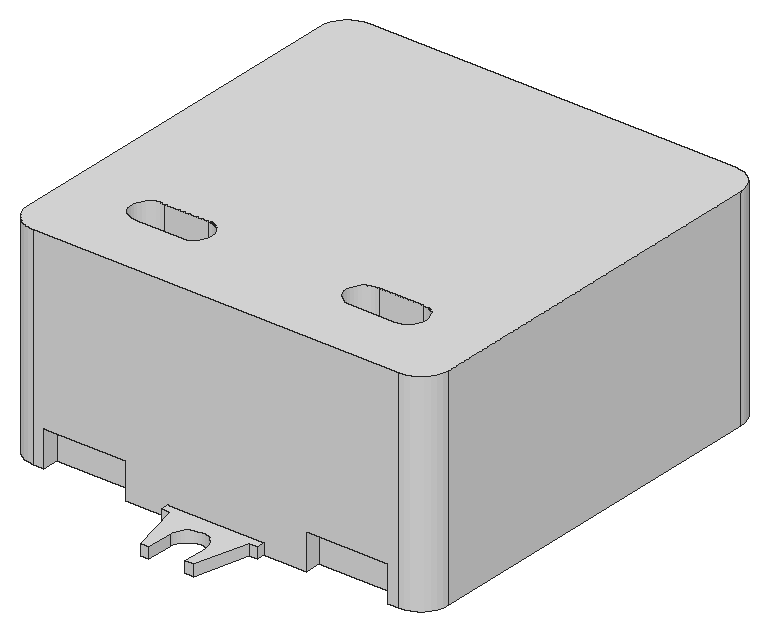
Revit family "LH7003W", category Luminarias, Revit 2019
Family settings
  Cota de conector redondo = Diámetro de uso
  Tipo de pieza = Normal
  Se basa en plano de trabajo = Sí
  Siempre vertical = No
  Corte con vacíos al cargar = No
  Origen de luz = No
  Compartido = Sí
  Punto de cálculo de habitación = No
Parameters (values of type "FUENTE_LH7003W")
  Keynote = ""
  Modelo = "LH7003W"
  Lamp = ""
  Fabricante = "BRILLANT"
  Default Elevation = 1219.2 mm
  Descripción = "FUENTE DE ALIMENTACION CON UNA CAPACIDAD DE 3W, ALIMENTACION ENTRADA 100-240VAC/50-60Hz, SALIDA 4-5VDC, 700mA, TEMPERATURA DE OPERACIÓN: 20-50C, DIMENSIONES DE 40X40X20MM, IP 20."
  Comentarios de vataje = "4-5V//100-240V"
Reference planes
  plane 1 "Centro (Frontal/Posterior)": y = 0
  plane 2: z = 0
  plane 3 "Centro (Izquierda/Derecha)": x = 0
  plane 4: x = -20
  plane 5: x = 20
  plane 6: y = 20
  plane 7: y = -20
  plane 8: z = 20
Forms (mm)
  Extrusion 1, solid, material "acabado blanco"
    sketch origin (0, 0, 0) x (1, 0, 0) y (0, 1, 0)
      loop
        arc (-17.388, 20) -> (-19.235, 19.235) -> (-20, 17.388) r 2.612
        line (-20, 17.388) -> (-20, -17.388)
        arc (-20, -17.388) -> (-19.235, -19.235) -> (-17.388, -20) r 2.612
        line (-17.388, -20) -> (17.388, -20)
        arc (17.388, -20) -> (19.235, -19.235) -> (20, -17.388) r 2.612
        line (20, -17.388) -> (20, 17.388)
        arc (20, 17.388) -> (19.235, 19.235) -> (17.388, 20) r 2.612
        line (17.388, 20) -> (-17.388, 20)
    from 0 to 20
  Extrusion 2, void
    sketch origin (0, 0, 0) x (1, 0, 0) y (0, 0, 1)
      loop
        line (-16.356, 0) -> (-8.58, 0) -> (-8.58, 3.395) -> (-16.356, 3.395) -> (-16.356, 0)
      loop
        line (16.356, 0) -> (16.356, 3.395) -> (8.58, 3.395) -> (8.58, 0) -> (16.356, 0)
    from 18.463 to 20
  Extrusion 3, void
    sketch origin (0, 0, 0) x (1, 0, 0) y (0, 1, 0)
      loop
        arc (-12.321, -10.81) -> (-14.017, -12.505) -> (-12.321, -14.2) r 1.695
        line (-12.321, -14.2) -> (-8.105, -14.2)
        arc (-8.105, -14.2) -> (-6.41, -12.505) -> (-8.105, -10.81) r 1.695
        line (-8.105, -10.81) -> (-12.321, -10.81)
      loop
        line (12.321, -10.81) -> (8.105, -10.81)
        arc (8.105, -10.81) -> (6.41, -12.505) -> (8.105, -14.2) r 1.695
        line (8.105, -14.2) -> (12.321, -14.2)
        arc (12.321, -14.2) -> (14.017, -12.505) -> (12.321, -10.81) r 1.695
    from 17.474 to 20
  Extrusion 4, solid, material "acabado blanco"
    sketch origin (0, 0, 0) x (1, 0, 0) y (0, 1, 0)
      loop
        line (1.695, -23.393) -> (1.695, -25.835) -> (2.514, -25.835) -> (3.769, -20.8) -> (4.569, -20.8) -> (4.569, -20) -> (-4.569, -20) -> (-4.569, -20.8) -> (-3.769, -20.8) -> (-2.514, -25.835) -> (-1.695, -25.835) -> (-1.695, -23.393)
        arc (-1.695, -23.393) -> (0, -21.698) -> (1.695, -23.393) r 1.695
    from 0 to 1.049
Cuts and joins
  Extrusion 2, Extrusion 3 cuts Extrusion 1
Dimensions and locks
  equal spacing: plane 4, plane 3 "Centro (Izquierda/Derecha)", plane 5
  plane 4 to plane 3 "Centro (Izquierda/Derecha)" = 20 mm
  plane 4 to plane 5 = 40 mm
  equal spacing: plane 6, plane 1 "Centro (Frontal/Posterior)", plane 7
  plane 8 to level = 20 mm
  plane 1 "Centro (Frontal/Posterior)" to plane 6 = 20 mm
  plane 6 to plane 7 = 40 mm
  plane 5 to plane 4 = 40 mm
  aligned and locked: level to plane 2
  aligned and locked: Extrusion 1 sketch curve to plane 6
  aligned and locked: plane 4 to Extrusion 1 sketch curve
  aligned and locked: Extrusion 1 sketch curve to plane 5
  aligned and locked: plane 8 to Extrusion 1
  aligned and locked: Extrusion 2 to plane 7
  aligned and locked: plane 8 to Extrusion 3
Automatic sketch dimensions
  plane 4 to Extrusion 3 sketch curve = 7.679 mm
  Extrusion 3 sketch curve to Extrusion 3 sketch curve = 4.216 mm  (x2)
  plane 3 "Centro (Izquierda/Derecha)" to Extrusion 3 sketch curve = 8.105 mm
  plane 7 to Extrusion 3 sketch curve = 5.8 mm  (x2)
  Extrusion 3 sketch curve to Extrusion 3 sketch curve = 1.695 mm  (x2)
  Extrusion 4 sketch curve to plane 7 = 0 mm
  Extrusion 4 sketch curve to plane 3 "Centro (Izquierda/Derecha)" = 0 mm
  Extrusion 4 sketch curve to plane 3 "Centro (Izquierda/Derecha)" = 1.695 mm
  Extrusion 4 sketch curve to Extrusion 4 sketch curve = 0.819 mm  (x2)
  Extrusion 4 sketch curve to plane 7 = 0.8 mm  (x2)
  Extrusion 4 sketch curve to Extrusion 4 sketch curve = 2.074 mm  (x2)
  Extrusion 4 sketch curve to Extrusion 4 sketch curve = 0.8 mm  (x2)
  Extrusion 4 sketch curve to plane 7 = 3.393 mm
  Extrusion 4 sketch curve to Extrusion 4 sketch curve = 2.442 mm  (x2)
  Extrusion 1 sketch curve to plane 7 = 0 mm
  plane 7 to Extrusion 1 sketch curve = 2.612 mm
  Extrusion 1 sketch curve to Extrusion 1 sketch curve = 2.612 mm
  Extrusion 1 sketch curve to plane 5 = 2.612 mm  (x2)
  Extrusion 2 sketch curve to level = 0 mm  (x2)
  plane 4 to Extrusion 2 sketch curve = 3.644 mm
  level to Extrusion 2 sketch curve = 3.395 mm  (x2)
  Extrusion 2 sketch curve to Extrusion 2 sketch curve = 7.777 mm
  plane 3 "Centro (Izquierda/Derecha)" to Extrusion 2 sketch curve = 8.58 mm
  Extrusion 2 sketch curve to plane 5 = 3.644 mm
Connectors
  electrical at (0, -20, 4.465)
    settings: on cut or joined group of Extrusion 1, Extrusion 2, Extrusion 3, index 1, voltage 240 V, apparent load 0 VA, apparent load phase1 0 VA, apparent load phase2 0 VA, apparent load phase3 0 VA, power factor 1, load classification "Otro", number of poles 1, system type 31, power factor state 1, is connector primary yes, connector utility no, sub classification motor no, connector description ""
